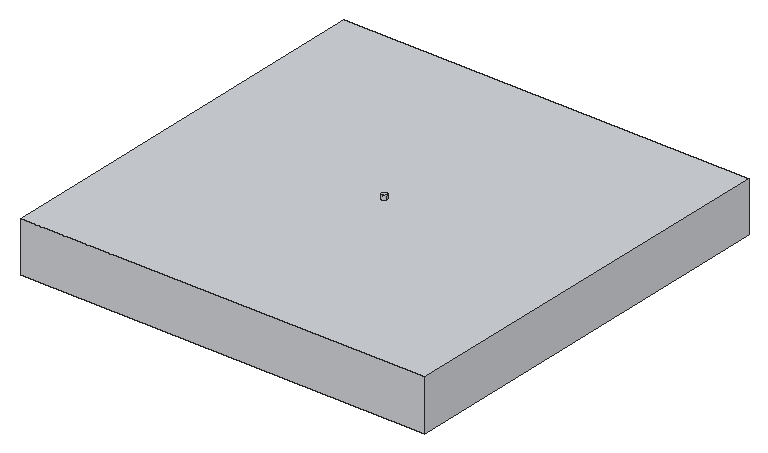
Revit family "M_Conector de tubulação - Outro - Equipamento hidráulico", category Equipamento mecânico, Revit 2019
Family settings
  Hospedeiro = Face
  Cota do conector redondo = Usar raio
  Tipo de parte = Normal
  Número OmniClass = 23.65.00.00
  Título OmniClass = Supply and Distribution of Liquids and Gases
  ID de item do Seek = Pipe Connector - Other - Plumbing Equipment-0000-CAN-ENU
  Corte com vazios quando carregada = Não
  Compartilhado = Não
  Ponto de cálculo do ambiente = Não
Parameters (values of type "Padrão")
  Raio nominal [instance] = 15 mm
  Diâmetro nominal [instance] = Raio nominal * 2  # 30 mm
  Espessura [instance] = 25.4 mm
  Fluxo [instance] = 0.63 L/s
  Default Elevation = 0 mm
Reference planes
  plane 1 "Centro (Frente/Trás)": y = 0
  plane 2: z = 0
  plane 3 "Centro (Esquerda/Direita)": x = 0
  plane 4: z = 25.4
Forms (mm)
  Extrusion 1, solid
    sketch origin (0, 0, 0) x (1, 0, 0) y (0, 1, 0)
      loop
        line (-1219.2, 1219.2) -> (-1219.2, -1219.2) -> (1219.2, -1219.2) -> (1219.2, 1219.2) -> (-1219.2, 1219.2)
    from 0 to -304.8
  Extrusion 2, solid
    sketch origin (0, 0, 0) x (1, 0, 0) y (0, 1, 0)
      loop
        circle (0, 0) r 15
    from 0 to 25.4
Dimensions and locks
  "Espessura": plane 4 to plane 2
  "Raio nominal": radius of Extrusion 2 sketch curve
  aligned and locked: plane 2 to Extrusion 1
  aligned and locked: level to Extrusion 1
  aligned and locked: plane 1 "Centro (Frente/Trás)" to Extrusion 2 sketch curve
  aligned and locked: plane 4 to Extrusion 2
Automatic sketch dimensions
  Extrusion 1 sketch curve to Extrusion 1 sketch curve = 2438.4 mm  (x2)
  Extrusion 2 sketch curve to plane 3 "Centro (Esquerda/Direita)" = 0 mm
Connectors
  piping at (0, 0, 25.4), diameter 30, driven by "Fluxo", driven by "Raio nominal"
    settings: on Extrusion 2, index 1, connector inside diameter 30 mm, connector length 0 mm, flow factor 0, pipe flow 0.63 L/s, pressure drop 0.0 Pa, fitting loss kfactor 0, connector angle 0.00°, fixture units 0, engagement length 0 mm, angle of deflection 0.00°, flow configuration 1, flow direction 1, fitting loss method 0, system type 22, joint type 0, gender type 0, connector reference index -1, connector utility 0, adjustable connector no, is connector primary yes, connector description ""
